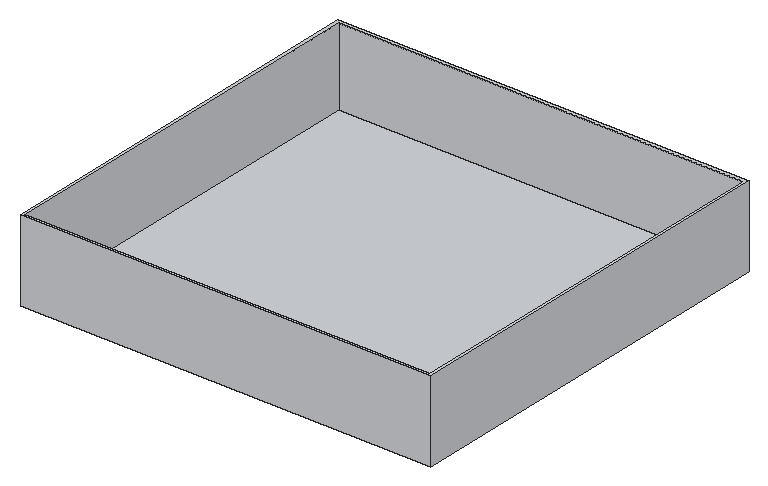
Revit family "Hager-Typ.B_TP&N_Cable_Spreader_Boxes_125A-empty-UK-en", category Electrical Equipment, host Face, Revit 2020
Family settings
  Host = Face
  Panel Configuration = Two Columns, Circuits Across
  Round Connector Dimension = Use Diameter
  Part Type = Panelboard
  Cut with Voids When Loaded = No
  Shared = No
  Room Calculation Point = No
Parameters (values of type "Surface mounted P2XC W465 H450 D91.5 0 Modular spacings - JK102LE")
  Width Control [instance] = if([HG000006 - Flush mounted], if([EF000846 - Built-in width] > min_whd, [EF000846 - Built-in width], min_whd), if([EF000008 - Width] > min_whd, ([EF000008 - Width]), min_whd))  # 465 mm
  Void Depth [instance] = if([HG000006 - Flush mounted], Depth Control, 1 mm)  # 1 mm
  Type Comments = [HG000003 - Range]  # "Type B TP&N Distribution Boards"
  System Height [instance] = Height Control - 2 * [HG000005 - Thickness]  # 444 mm
  Model = [HG000004 - Manufacturer reference]  # "JK102LE"
  HG000017 - Distance between poles = 18 mm
  HG000016 - Door 3d visibility [instance] = yes
  HG000015 - Clearance visibility [instance] = no
  HG000014 - Door on the right [instance] = yes
  HG000013 - Door on the left [instance] = not([HG000014 - Door on the right])  # no
  HG000012 - Door swing angle [instance] = 45.00°
  HG000011 - Empty rows from bottom = no
  HG000010 - Asymmetric doors = no
  HG000009 - Double swing door = no
  HG000008 - Number of empty rows = 0
  HG000007 - Number of empty columns = 0
  HG000006 - Flush mounted = no
  HG000005 - Thickness = 3 mm  # constant formula
  HG000004 - Manufacturer reference = "JK102LE"
  HG000003 - Range = "Type B TP&N Distribution Boards"
  HG000002 - With door or cover = no
  HG000001 - Number of columns = 0
  EF015941 - Signal passing door = no
  EF015777 - Neutral terminal block = yes
  EF015776 - Earthing terminal block = yes
  EF009212 - Cover model = ""
  EF006306 - With lock = no
  EF006244 - Transparent cover/door = no
  EF005474 - Degree of protection (IP) = "EV009848 - IP2XC"
  EF004462 - Type of closure = "EV000154 - Other"
  EF002950 - Width in number of modular spacings = 0
  EF001596 - Material housing = "EV000179 - Steel"
  EF001134 - DIN-rail = no
  EF001131 - Internal depth = 0 mm
  EF001088 - Extension possible = no
  EF001062 - EMC-version = no
  EF000846 - Built-in width = 0 mm
  EF000339 - Type of cover = "EV005746 - Optional"
  EF000332 - Built-in height = 0 mm
  EF000266 - Number of rows = 0
  EF000218 - Built-in depth = 0 mm
  EF000118 - With mounting plate = no
  EF000116 - RAL-number = ""
  EF000049 - Depth = 92 mm
  EF000040 - Height = 450 mm
  EF000008 - Width = 465 mm
  EF000007 - Colour = "EV000154 - Other"
  EF000003 - Mounting method = "EV000384 - Surface mounted (plaster)"
  Arrow Offset [instance] = Depth Control / 8  # 11.5 mm
  Arrow Height [instance] = Depth Control - Arrow Offset  # 80.5 mm
  Host Offset [instance] = if([HG000006 - Flush mounted], 0 mm, [EF000049 - Depth])  # 92 mm
  min_whd [instance] = (2 * [HG000005 - Thickness]) + 1 mm  # 7 mm
  Manufacturer = "Hager"  # constant formula
  Height Control [instance] = if([HG000006 - Flush mounted], if([EF000332 - Built-in height] > min_whd, [EF000332 - Built-in height], min_whd), if([EF000040 - Height] > min_whd, ([EF000040 - Height]), min_whd))  # 450 mm
  Flush Mounted - Door Frame Width [instance] = if(([EF000040 - Height] - [EF000332 - Built-in height]) > 0 mm, if([HG000006 - Flush mounted], [EF000040 - Height] - [EF000332 - Built-in height], 0 mm), 0 mm)  # 0 mm
  Depth Control [instance] = if([HG000006 - Flush mounted], if([EF000218 - Built-in depth] > 0 mm, [EF000218 - Built-in depth], 1 mm), if([EF000049 - Depth] > 0 mm, ([EF000049 - Depth]), 1 mm))  # 92 mm
  Default Elevation = 0 mm
Reference planes
  plane 1 "Center (Front/Back)": y = 0
  plane 2: z = 0
  plane 3 "Center (Left/Right)": x = 0
  plane 4: z = 92
  plane 5: y = 3
  plane 6: z = 87
  plane 7: y = 225
  plane 8: y = 0
  plane 9: y = 450
  plane 10: z = 0
  plane 11: x = -232.5
  plane 12: x = 232.5
  plane 13: x = 229.5
  plane 14: x = -229.5
  plane 15: y = 447
  plane 16: z = 3
  plane 17: z = 89
  plane 18: z = -1
  plane 19: z = 89
Forms (mm)
  Extrusion 1, solid
    sketch origin (-583.045, 0, 1219.2) x (-1, 0, 0) y (0, 0, 1)
      loop
        line (-350.545, -1127.2) -> (-815.545, -1127.2) -> (-815.545, -1219.2) -> (-350.545, -1219.2) -> (-350.545, -1127.2)
    from 0 to 450 <- "Height Control"
  Extrusion 2, void
    sketch origin (-381.607, -4572, 92) x (0, -1, 0) y (-1, 0, 0)
      loop
        line (-5019, -152.107) -> (-5019, -611.107) -> (-4575, -611.107) -> (-4575, -152.107) -> (-5019, -152.107)
    from 0 to 89
  Extrusion 3, void
    sketch origin (0, 0, 0) x (1, 0, 0) y (0, 1, 0)
      loop
        line (-232.5, 0) -> (232.5, 0) -> (232.5, 450) -> (-232.5, 450) -> (-232.5, 0)
    from -1 to 1
  Extrusion 4, solid, detail levels coarse+medium
    sketch origin (-381.607, -4572, 92) x (-1, 0, 0) y (0, -1, 0)
      loop
        line (-152.107, -5019) -> (-152.107, -4575) -> (-611.107, -4575) -> (-611.107, -5019) -> (-152.107, -5019)
    from 0 to -3
Cuts and joins
  Extrusion 2 cuts Extrusion 1
Dimensions and locks
  plane 4 to plane 6 = 5 mm
  "Host Offset": plane 4 to host face
  "Flush Mounted - Door Frame Width": plane 1 "Center (Front/Back)" to plane 8
  "HG000005 - Thickness": plane 5 to plane 8
  locked: connector elem to plane 3 "Center (Left/Right)"
  "Height Control": plane 9 to plane 8
  equal spacing: plane 9, plane 7, plane 8
  locked: connector elem to plane 7
  "Depth Control": plane 4 to plane 10
  "HG000005 - Thickness": plane 11 to plane 14
  "HG000005 - Thickness": plane 12 to plane 13
  equal spacing: plane 11, plane 3 "Center (Left/Right)", plane 12
  "Width Control": plane 11 to plane 12
  "Arrow Offset": nested 4 to plane 10
  "HG000005 - Thickness": plane 9 to plane 15
  "HG000005 - Thickness": plane 16 to plane 10
  "HG000005 - Thickness": plane 4 to plane 17
  "Void Depth": plane 2 to plane 18
  "HG000005 - Thickness": plane 4 to plane 19
  aligned and locked: plane 2 to host face
  aligned and locked: level to host face
  aligned and locked: plane 3 "Center (Left/Right)" to nested 2
  aligned and locked: plane 4 to nested 2
  aligned and locked: nested 2 to plane 8
  aligned and locked: nested 1 to plane 6
  aligned and locked: nested 1 to plane 5
  aligned and locked: nested 4 to plane 11
  aligned and locked: nested 3 to plane 4
  aligned and locked: Extrusion 1 sketch curve to plane 12
  aligned and locked: Extrusion 1 sketch curve to plane 11
  aligned and locked: nested 3 to plane 10
  aligned and locked: plane 10 to Extrusion 1 sketch curve
  aligned and locked: Extrusion 2 sketch curve to plane 5
  aligned and locked: Extrusion 2 sketch curve to plane 15
  aligned and locked: Extrusion 2 sketch curve to plane 14
  aligned and locked: Extrusion 2 sketch curve to plane 13
  aligned and locked: plane 11 to Extrusion 3 sketch curve
  aligned and locked: plane 9 to Extrusion 3 sketch curve
  aligned and locked: Extrusion 3 sketch curve to plane 8
  aligned and locked: plane 12 to Extrusion 3 sketch curve
  aligned and locked: nested 3 to plane 12
  aligned and locked: Extrusion 3 to plane 18
  aligned and locked: Extrusion 2 to plane 16
  aligned and locked: Extrusion 1 sketch curve to plane 4
  aligned and locked: Extrusion 4 to plane 17
  aligned and locked: Extrusion 4 sketch curve to plane 15
  aligned and locked: Extrusion 4 sketch curve to plane 13
  aligned and locked: Extrusion 4 sketch curve to plane 14
  aligned and locked: Extrusion 4 sketch curve to plane 5
Automatic sketch dimensions
  host sketch curve to host sketch curve = 1469.727 mm
  host sketch curve to host sketch curve = 1434.803 mm
Nested families
  nested 1: "Hager_Enclosure_System" at (0, 3, 87) x (1, 0, 0) z (0, 1, 0), Depth <- "HG000005 - Thickness", Height <- "System Height", Width <- "EF000008 - Width", Border <- "HG000005 - Thickness", Flush_Mounted <- "HG000006 - Flush mounted", Built-in_Width <- "EF000846 - Built-in width", Row_Module_Multiplicator <- "EF002950 - Width in number of modular spacings", Total_No_Empty_Rows <- "HG000008 - Number of empty rows", Total_No_Rows <- "EF000266 - Number of rows", Empty_Columns <- "HG000007 - Number of empty columns", Width_Control <- "Width Control", Empty_Rows_From_Bottom <- "HG000011 - Empty rows from bottom", Distance_Between_Poles <- "HG000017 - Distance between poles", Rows_Count <- "EF000266 - Number of rows", Columns_Count <- "HG000001 - Number of columns", type "Hager_Enclosure_System", detail levels fine
    with Width_Control 465 mm, Width 465 mm, Total_No_Rows 0, Total_No_Empty_Rows 0, Total_No_Columns 1, System_Width 459 mm, Rows_Count 0, Rows_Column 0, Row_Module_Multiplicator 0, Panel_4 no, Panel_3 no, Panel_2 no, Panel_1 no, No_Panels_Ctrl 1, Hide_Columns yes, Height 444 mm, Flush_Mounted no, Empty_Rows_From_Bottom no, Empty_Rows_Column 0, Empty_Columns 0, Distance_Between_Poles 18 mm, Depth 3 mm, Columns_Count 0, Column_Width 459 mm, Built-in_Width 0 mm, Border 3 mm
  nested 2: "Hager_Enclosure_Door" at (0, 0, 92) x (1, 0, 0) z (0, 1, 0), Border <- "HG000005 - Thickness", Door_Right <- "HG000014 - Door on the right", Flush_Mounted <- "HG000006 - Flush mounted", Depth <- "EF000049 - Depth", Width <- "EF000008 - Width", Door_Left <- "HG000013 - Door on the left", 3d_Door <- "HG000016 - Door 3d visibility", BuiltIn_Width <- "EF000846 - Built-in width", BuiltIn_Height <- "EF000332 - Built-in height", BuiltIn_Depth <- "EF000218 - Built-in depth", Angle <- "HG000012 - Door swing angle", Assymetrical <- "HG000010 - Asymmetric doors", Double <- "HG000009 - Double swing door", Clearance <- "HG000015 - Clearance visibility", Transparent <- "EF006244 - Transparent cover/door", Door <- "HG000002 - With door or cover", Height_Ctrl <- "Height Control", Width_Ctrl <- "Width Control", Height <- "EF000040 - Height", type "Hager_Enclosure_Door", detail levels medium+fine
    with min_wh 7 mm, Width_Ctrl 465 mm, Width 465 mm, Transparent_Door_No_Bottom_Border no, Transparent no, Leaf_Width 456 mm, Leaf_Tolerance 1.5 mm, Leaf_Height 441 mm, Leaf_2_Width 456 mm, Leaf_2_Offset 228 mm, Leaf_1_Width 456 mm, Leaf_1_Offset 228 mm, Height_Ctrl 450 mm, Height 450 mm, Frame_Width_Ctrl 465 mm, Frame_Width 465 mm, Frame_Internal_Offset 0 mm, Frame_Height_Ctrl 450 mm, Frame_Height 450 mm, Frame_Depth_Ctrl 1 mm, Frame_Depth 0 mm, Flush_Mounted no, Double_Clearance_Ctrl no, Double no, Door_Right_Ctrl no, Door_Right yes, Door_Left_Ctrl no, Door_Left no, Door no, Depth 92 mm, Clearance_Depth 456 mm, Clearance_Ctrl no, Clearance no, BuiltIn_Width 0 mm, BuiltIn_Height 0 mm, BuiltIn_Depth 0 mm, Border 3 mm, Assymetrical no, Angle 45.00°, 3d_Door yes
  nested 3: "Hager_Enclosure_Symbol_Triangle" at (-232.5, 0, 0) x (1, 0, 0) z (0, -1, 0), Depth <- "Depth Control", Width <- "Width Control", type "Hager_Enclosure_Symbol_Triangle"
    with Width_Ctrl 465 mm, Width 465 mm, Depth_Ctrl 92 mm, Depth 92 mm
  nested 4: "Hager_Enclosure_Symbol_Arrow" at (-232.5, 0, 11.5) x (1, 0, 0) z (0, -1, 0), Height <- "Arrow Height", type "Hager_Enclosure_Symbol_Arrow"
    with Width_Inside 6.038 mm, Width 72.45 mm, Height_Ctrl 80.5 mm, Height 80.5 mm
Connectors
  electrical at (0, 225, 0)
    settings: on plane 10, index 1, voltage 0 V, apparent load 0 VA, apparent load phase1 0 VA, apparent load phase2 0 VA, apparent load phase3 0 VA, power factor 1, load classification "Other", number of poles 1, system type 30, power factor state 1, is connector primary yes, connector utility no, sub classification motor no, connector description ""
Definition of nested family "Hager_Enclosure_Door"
  Parameters (values of type "Hager_Enclosure_Door")
    min_wh [instance] = (2 * Border) + 1 mm  # 11 mm
    Width_Ctrl [instance] = 400 mm
    Width [instance] = 500 mm
    Transparent_Door_No_Bottom_Border [instance] = no
    Transparent [instance] = yes
    Leaf_Width [instance] = if((Width_Ctrl - 2 * Border - 2 * Leaf_Tolerance) > 0 mm, (Width_Ctrl - 2 * Border - 2 * Leaf_Tolerance), min_wh)  # 387 mm
    Leaf_Tolerance [instance] = 1.5 mm  # constant formula
    Leaf_Height [instance] = if((Height_Ctrl - 2 * Border - 2 * Leaf_Tolerance) > 0 mm, (Height_Ctrl - 2 * Border - 2 * Leaf_Tolerance), min_wh)  # 387 mm
    Leaf_2_Width [instance] = if(and(and(Double, Assymetrical), Door_Left), (Leaf_Width / 3) - (Leaf_Tolerance / 2), if(and(and(Double, Assymetrical), Door_Right), (Leaf_Width / 3) * 2 - (Leaf_Tolerance / 2), if(and(Double, not(Assymetrical)), (Leaf_Width / 2) - Leaf_Tolerance, Leaf_Width)))  # 387 mm
    Leaf_2_Offset [instance] = if(and(Double, Assymetrical), Leaf_2_Width / 2, if(and(Double, not(Assymetrical)), Leaf_Width / 4, Leaf_Width / 2))  # 193.5 mm
    Leaf_1_Width [instance] = if(and(and(Double, Assymetrical), Door_Right), (Leaf_Width / 3) - (Leaf_Tolerance / 2), if(and(and(Double, Assymetrical), Door_Left), (Width / 3) * 2 - (Leaf_Tolerance / 2), if(and(Double, not(Assymetrical)), (Leaf_Width / 2) - Leaf_Tolerance, Leaf_Width)))  # 387 mm
    Leaf_1_Offset [instance] = if(and(Double, Assymetrical), Leaf_1_Width / 2, if(and(Double, not(Assymetrical)), Leaf_Width / 4, Leaf_Width / 2))  # 193.5 mm
    Height_Ctrl [instance] = 400 mm
    Height [instance] = 500 mm
    Frame_Width_Ctrl [instance] = if(Frame_Width > 0 mm, Frame_Width, 1 mm)  # 1 mm
    Frame_Width [instance] = Width - BuiltIn_Width  # 0 mm
    Frame_Internal_Offset [instance] = if(Flush_Mounted, Border, 0 mm)  # 5 mm
    Frame_Height_Ctrl [instance] = if(Frame_Height > 0 mm, Frame_Height, 1 mm)  # 1 mm
    Frame_Height [instance] = Height - BuiltIn_Height  # 0 mm
    Frame_Depth_Ctrl [instance] = if(Frame_Depth > 0 mm, Frame_Depth, 1 mm)  # 1 mm
    Frame_Depth [instance] = if(Depth - BuiltIn_Depth > 0 mm, if(Flush_Mounted, Depth - BuiltIn_Depth, 0 mm), 0 mm)  # 0 mm
    Flush_Mounted [instance] = yes
    Double_Clearance_Ctrl [instance] = and(Double, Clearance)  # no
    Double [instance] = no
    Door_Right_Ctrl [instance] = and(or(Door_Right, Double), Door)  # yes
    Door_Right [instance] = yes
    Door_Left_Ctrl [instance] = and(or(Door_Left, Double), Door)  # no
    Door_Left [instance] = no
    Door [instance] = yes
    Depth [instance] = 500 mm
    Default Elevation = 1219.2 mm
    Clearance_Material = none
    Clearance_Depth [instance] = if(Leaf_1_Width > Leaf_2_Width, Leaf_1_Width, Leaf_2_Width)  # 387 mm
    Clearance_Ctrl [instance] = and(not(Double), Clearance)  # yes
    Clearance [instance] = yes
    BuiltIn_Width [instance] = 500 mm
    BuiltIn_Height [instance] = 500 mm
    BuiltIn_Depth [instance] = 500 mm
    Border [instance] = 5 mm
    Assymetrical [instance] = yes
    Angle [instance] = 30.00°
    3d_Door [instance] = yes
  Reference planes
    plane 1 "Center (Front/Back)": y = 0
    plane 2 "Bottom": z = 0
    plane 3 "Center (Left/Right)": x = 0
    plane 4: z = 400
    plane 5: x = -200
    plane 6: x = 200
    plane 7: z = 395
    plane 8: x = -195
    plane 9: z = 5
    plane 10: x = 195
    plane 11: y = 0
    plane 12: z = 6.5
    plane 13: x = -582
    plane 14: y = -387
    plane 15: x = 582
    plane 16: x = 0
    plane 17: x = 0
    plane 18: x = -193.5
    plane 19: x = 193.5
    plane 20: z = 393.5
  Forms (mm)
    Extrusion 1, solid, visible <- "Flush_Mounted"
      sketch origin (0, 0, 0) x (1, 0, 0) y (0, 0, 1)
        loop
          line (195, 5) -> (195, 395) -> (-195, 395) -> (-195, 5) -> (195, 5)
        loop
          line (-201, 401) -> (-201, -1) -> (201, -1) -> (201, 401) -> (-201, 401)
      from 0 to 1 <- "Frame_Depth_Ctrl"
    Extrusion 2, solid, material <- "Clearance_Material", visible <- "Double_Clearance_Ctrl"
      sketch origin (1200, 0, 0) x (1, 0, 0) y (0, 0, -1)
        loop
          line (-1782, -393.5) -> (-618, -393.5) -> (-618, 0) -> (-1782, 0) -> (-1782, -393.5)
      from 0 to -387
  Dimensions and locks
    equal spacing: plane 5, plane 3 "Center (Left/Right)", plane 6
    "Width_Ctrl": plane 5 to plane 6
    "Border": plane 5 to plane 8
    "Border": plane 6 to plane 10
    "Border": plane 9 to level
    "Border": plane 4 to plane 7
    "Height_Ctrl": plane 4 to level
    "Leaf_Tolerance": plane 12 to plane 9
    "Frame_Depth": plane 11 to plane 1 "Center (Front/Back)"
    "Frame_Width_Ctrl": plane 5 to Extrusion 1 sketch curve
    "Frame_Width_Ctrl": plane 6 to Extrusion 1 sketch curve
    "Frame_Width_Ctrl": Extrusion 1 sketch curve to plane 4
    "Frame_Width_Ctrl": plane 2 "Bottom" to Extrusion 1 sketch curve
    "Leaf_1_Offset": plane 18 to plane 16
    "Leaf_2_Offset": plane 17 to plane 19
    "Leaf_1_Width": plane 13 to plane 8
    "Leaf_2_Width": plane 10 to plane 15
    "Clearance_Depth": plane 14 to plane 1 "Center (Front/Back)"
    "Leaf_Tolerance": plane 8 to plane 18
    "Leaf_Tolerance": plane 19 to plane 10
    "Leaf_Tolerance": plane 7 to plane 20
    "Frame_Internal_Offset": plane 5 to Extrusion 1 sketch curve
    "Frame_Internal_Offset": Extrusion 1 sketch curve to plane 2 "Bottom"
    "Frame_Internal_Offset": plane 6 to Extrusion 1 sketch curve
    "Frame_Internal_Offset": plane 4 to Extrusion 1 sketch curve
    aligned and locked: level to plane 2 "Bottom"
    aligned and locked: nested 1 to plane 16
    aligned and locked: nested 2 to plane 17
    aligned and locked: Extrusion 2 to plane 13
    aligned and locked: plane 15 to Extrusion 2
    aligned and locked: Extrusion 2 to plane 14
    aligned and locked: plane 12 to nested 1
    aligned and locked: nested 2 to plane 12
    aligned and locked: Extrusion 2 to plane 11
    aligned and locked: plane 20 to Extrusion 2
    aligned and locked: nested 2 to plane 11
    aligned and locked: nested 1 to plane 11
  Automatic sketch dimensions
    Extrusion 2 sketch curve to level = 0 mm
    plane 5 to Extrusion 2 sketch curve = 382 mm
    plane 6 to Extrusion 2 sketch curve = 382 mm
    Extrusion 2 sketch curve to plane 4 = 6.5 mm
  Nested families
    nested 1: "Hager_Enclosure_Door_Leaf" at (0, 0, 6.5), Width <- "Leaf_1_Width", visible <- "Door_Left_Ctrl", Leaf_Height <- "Leaf_Height", Angle <- "Angle", Depth <- "Border", 3d_Door <- "3d_Door", Transparent <- "Transparent", Clearance Material <- "Clearance_Material", Clearance <- "Clearance_Ctrl", Transparent_Door_No_Bottom_Border <- "Transparent_Door_No_Bottom_Border", type "Hager_Enclosure_Door_Leaf"
      with Width 387 mm, Transparent_Door_No_Bottom_Border no, Transparent_Door_Border_Bottom_Top 25 mm, Transparent_Door_Border 25 mm, Transparent_Ctrl yes, Transparent yes, Standard no, Leaf_Height 387 mm, Glass_Offset 1 mm, Depth 5 mm, Clearance Material none, Clearance yes, Angle_Ctrl 30.00°, Angle 30.00°, 3d_Door yes
    nested 2: "Hager_Enclosure_Door_Leaf" at (0, 0, 6.5) x (-1, 0, 0) z (0, 0, 1), Width <- "Leaf_2_Width", visible <- "Door_Right_Ctrl", Leaf_Height <- "Leaf_Height", Angle <- "Angle", Depth <- "Border", 3d_Door <- "3d_Door", Transparent <- "Transparent", Clearance Material <- "Clearance_Material", Clearance <- "Clearance_Ctrl", Transparent_Door_No_Bottom_Border <- "Transparent_Door_No_Bottom_Border", type "Hager_Enclosure_Door_Leaf"
      with Width 387 mm, Transparent_Door_No_Bottom_Border no, Transparent_Door_Border_Bottom_Top 25 mm, Transparent_Door_Border 25 mm, Transparent_Ctrl yes, Transparent yes, Standard no, Leaf_Height 387 mm, Glass_Offset 1 mm, Depth 5 mm, Clearance Material none, Clearance yes, Angle_Ctrl 30.00°, Angle 30.00°, 3d_Door yes
  Definition of nested family "Hager_Enclosure_Door_Leaf"
    Parameters (values of type "Hager_Enclosure_Door_Leaf")
      Width [instance] = 2000 mm
      Transparent_Door_No_Bottom_Border [instance] = yes
      Transparent_Door_Border_Bottom_Top [instance] = if(Transparent_Door_No_Bottom_Border, 0.1 mm, Transparent_Door_Border)  # 0.1 mm
      Transparent_Door_Border [instance] = if(Transparent_Door_No_Bottom_Border, (Width * 0.12), 25 mm)  # 240 mm
      Transparent_Ctrl [instance] = and(Transparent, [3d_Door])  # yes
      Transparent [instance] = yes
      Standard [instance] = and(not(Transparent), [3d_Door])  # no
      Leaf_Height [instance] = 2720.336 mm
      Glass_Offset [instance] = if((Depth - 10 mm) / 2 > 0 mm, (Depth - 10 mm) / 2, 1 mm)  # 15 mm
      Glass_Material = none
      Depth [instance] = 40 mm
      Default Elevation = 0 mm
      Clearance Material [instance] = none
      Clearance [instance] = yes
      Angle_Ctrl [instance] = if(Angle > 170.00°, 170.00°, Angle)  # 45.00°
      Angle [instance] = 45.00°
      3d_Door [instance] = yes
    Reference planes
      plane 1 "Center (Front/Back)": y = 0
      plane 2: z = 0
      plane 3 "Center (Left/Right)": x = 0
      plane 4: y = 2000
      plane 5: x = -1000
      plane 6: x = 1000
      plane 7: x = -3000
      plane 8: z = 2720.336
      plane 9: z = 0.1
      plane 10: z = 2720.236
      plane 11: x = 760
      plane 12: x = -760
    Forms (mm)
      Extrusion 1, solid, material <- "Clearance Material", visible <- "Clearance"
        sketch origin (0, 0, 0) x (1, 0, 0) y (0, 0, 1)
          loop
            line (-3000, 2720.336) -> (-3000, 0) -> (1000, 0) -> (1000, 2720.336) -> (-3000, 2720.336)
        from 0 to -2000
      Extrusion 2, solid, visible <- "Standard", detail levels medium+fine
        sketch origin (-1000, 0, 0) x (0.707107, 0.707107, 0) y (-0.707107, 0.707107, 0)
          loop
            line (0, -40) -> (2000, -40) -> (2000, 0) -> (0, 0) -> (0, -40)
        from 0 to 2720.336 <- "Leaf_Height"
      Extrusion 3, solid, visible <- "Transparent_Ctrl", detail levels medium+fine
        sketch origin (-1000, 0, 0) x (0.707107, 0.707107, 0) y (-0.707107, 0.707107, 0)
          loop
            line (0, -40) -> (2000, -40) -> (2000, 0) -> (0, 0) -> (0, -40)
        from 0 to 2720.336 <- "Leaf_Height"
      Extrusion 4, void, detail levels medium+fine
        sketch origin (-1000, 0, 0) x (-0.707107, 0.707107, 0) y (0.707107, 0.707107, 0)
          loop
            line (0, 240) -> (0, 1760) -> (-40, 1760) -> (-40, 240) -> (0, 240)
        from -2720.236 to -0.1
      Extrusion 5, solid, material <- "Glass_Material", visible <- "Transparent_Ctrl", detail levels medium+fine
        sketch origin (-1000, 0, 0) x (0.707107, 0.707107, 0) y (-0.707107, 0.707107, 0)
          loop
            line (240, -15) -> (240, -25) -> (1760, -25) -> (1760, -15) -> (240, -15)
        from 0.1 to 2720.236
    Cuts and joins
      Extrusion 4 cuts Extrusion 3
    Lines and regions (mm)
      symbolic lines
        curve 1: line (1000, 0, 0) -> (-3000, 0, 0)
        curve 2: arc (1000, 0, 0) -> (-1000, 2000, 0) -> (-3000, 0, 0) r 2000
        curve 4: line (-1000, 0, 0) -> (414.214, 1414.214, 0)
      reference lines
        curve 3: line (-1000, 0, 0) -> (414.214, 1414.214, 0)
      symbolic lines, detail levels medium+fine
        curve 5: line (414.214, 1414.214, 0) -> (442.498, 1385.929, 0)
        curve 6: line (442.498, 1385.929, 0) -> (-971.716, -28.284, 0)
        curve 7: line (-971.716, -28.284, 0) -> (-1000, 0, 0)
        curve 8: line (-1000, 0, 2720.336) -> (1000, 0, 2720.336)
        curve 9: line (-1000, 0, 0) -> (-1000, 0, 2720.336)
        curve 10: line (1000, 0, 0) -> (-1000, 0, 0)
        curve 11: line (1000, 0, 2720.336) -> (1000, 0, 0)
      symbolic lines, visible <- "Transparent_Ctrl", detail levels medium+fine
        curve 12: line (-760, 0, 2720.236) -> (760, 0, 2720.236)
        curve 13: line (-760, 0, 0.1) -> (-760, 0, 2720.236)
        curve 14: line (760, 0, 0.1) -> (-760, 0, 0.1)
        curve 15: line (760, 0, 2720.236) -> (760, 0, 0.1)
    Dimensions and locks
      "Width": plane 1 "Center (Front/Back)" to plane 4
      equal spacing: plane 5, plane 3 "Center (Left/Right)", plane 6
      "Width": plane 5 to plane 6
      "Width": plane 7 to plane 5
      "Leaf_Height": plane 8 to level
      "Depth": curve 6 to curve 3
      "Width": curve 5 to curve 3
      "Width": curve 3 to curve 3
      "Transparent_Door_Border": Extrusion 4 sketch curve to curve 7
      "Transparent_Door_Border": Extrusion 4 sketch curve to curve 5
      "Transparent_Door_Border_Bottom_Top": plane 8 to plane 10
      "Transparent_Door_Border_Bottom_Top": plane 9 to level
      "Glass_Offset": Extrusion 5 sketch curve to curve 4
      "Glass_Offset": Extrusion 5 sketch curve to curve 6
      "Transparent_Door_Border": Extrusion 5 sketch curve to curve 5
      "Transparent_Door_Border": Extrusion 5 sketch curve to curve 7
      "Transparent_Door_Border": plane 12 to plane 5
      "Transparent_Door_Border": plane 6 to plane 11
      "Angle_Ctrl": angle plane 1 "Center (Front/Back)" to curve 3
      aligned and locked: level to plane 2
      aligned and locked: Extrusion 1 to curve 1
      aligned and locked: plane 6 to Extrusion 1
      aligned and locked: Extrusion 1 to plane 1 "Center (Front/Back)"
      aligned and locked: plane 4 to Extrusion 1
      aligned and locked: plane 8 to Extrusion 1
      aligned and locked: curve 4 to curve 3
      aligned and locked: Extrusion 2 sketch curve to curve 7
      aligned and locked: Extrusion 2 sketch curve to curve 6
      aligned and locked: Extrusion 2 sketch curve to curve 5
      aligned and locked: Extrusion 2 sketch curve to curve 3
      aligned and locked: curve 7 to Extrusion 3 sketch curve
      aligned and locked: Extrusion 3 sketch curve to curve 4
      aligned and locked: Extrusion 3 sketch curve to curve 6
      aligned and locked: Extrusion 3 sketch curve to curve 5
      aligned and locked: curve 4 to Extrusion 4 sketch curve
      aligned and locked: curve 6 to Extrusion 4 sketch curve
      aligned and locked: Extrusion 4 to plane 9
      aligned and locked: Extrusion 4 to plane 10
      aligned and locked: Extrusion 5 to plane 9
      aligned and locked: Extrusion 5 to plane 10
      aligned and locked: curve 8 to plane 8
      aligned and locked: plane 5 to curve 9
      aligned and locked: plane 2 to curve 10
      aligned and locked: curve 11 to plane 6
      aligned and locked: plane 10 to curve 12
      aligned and locked: plane 12 to curve 13
      aligned and locked: curve 14 to plane 9
      aligned and locked: plane 11 to curve 15
    Automatic sketch dimensions
      plane 1 "Center (Front/Back)" to curve 2 = 0 mm
      curve 2 to plane 5 = 0 mm
      Extrusion 1 sketch curve to level = 0 mm
      Extrusion 1 sketch curve to plane 7 = 0 mm
      Extrusion 1 sketch curve to plane 6 = 0 mm
      Extrusion 1 sketch curve to plane 8 = 0 mm
      plane 1 "Center (Front/Back)" to curve 3 = 0 mm
      curve 3 to plane 5 = 0 mm
      curve 7 to curve 3 = 0 mm
Definition of nested family "Hager_Enclosure_Symbol_Triangle"
  Parameters (values of type "Hager_Enclosure_Symbol_Triangle")
    Width_Ctrl [instance] = if(Width > 1 mm, Width, 1 mm)  # 498 mm
    Width [instance] = 498 mm
    Depth_Ctrl [instance] = if(Depth > 1 mm, Depth, 1 mm)  # 72 mm
    Depth [instance] = 72 mm
  Reference planes
    plane 1 "Centre (avant/arrière)": y = 0
    plane 2: z = 0
    plane 3 "Centre (gauche/droite)": x = 0
  Lines and regions (mm)
    Filled region 1, type "Solid_Black", in view "Niveau de réf."
      outline origin (0, 0, 0) x (1, 0, 0) y (0, 1, 0)
        loop
          line (0, 0) -> (498, 0) -> (498, 72) -> (0, 0)
    reference lines, in view "Niveau de réf."
      curve 1: line (-206.153, 72, 0) -> (1083.258, 72, 0)
      curve 2: line (498, 405.456, 0) -> (498, -517.619, 0)
  Dimensions and locks
    "Depth_Ctrl": plane 1 "Centre (avant/arrière)" to curve 1
    "Width_Ctrl": plane 3 "Centre (gauche/droite)" to curve 2
    aligned and locked: curve 1 to Filled region 1 sketch curve
    aligned and locked: Filled region 1 sketch curve to plane 1 "Centre (avant/arrière)"
    aligned and locked: curve 2 to Filled region 1 sketch curve
    aligned and locked: plane 3 "Centre (gauche/droite)" to Filled region 1 sketch curve
    aligned and locked: plane 1 "Centre (avant/arrière)" to Filled region 1 sketch curve
  Automatic sketch dimensions
    curve 1 to plane 3 "Centre (gauche/droite)" = 206.153 mm
    curve 2 to curve 1 = 585.258 mm
    plane 1 "Centre (avant/arrière)" to curve 2 = 517.619 mm
    curve 2 to plane 1 "Centre (avant/arrière)" = 405.456 mm
Definition of nested family "Hager_Enclosure_Symbol_Arrow"
  Parameters (values of type "Hager_Enclosure_Symbol_Arrow")
    Width_Inside [instance] = if(Width / 12 > 2 mm, Width / 12, 2 mm)  # 4.987 mm
    Width [instance] = if(Height_Ctrl * 0.9 > 2 mm, Height_Ctrl * 0.9, 2 mm)  # 59.85 mm
    Height_Ctrl [instance] = if(Height > 2 mm, Height, 2 mm)  # 66.5 mm
    Height [instance] = 66.5 mm
  Reference planes
    plane 1 "Centre (avant/arrière)": y = 0
    plane 2: z = 0
    plane 3 "Centre (gauche/droite)": x = 0
    plane 4: x = 59.85
    plane 5: y = 28.263
    plane 6: y = 38.238
    plane 7: y = 66.5
    plane 8: x = 29.925
    plane 9: y = 33.25
  Lines and regions (mm)
    Filled region 1, type "Solid_Black", in view "Niveau de réf."
      outline origin (0, 0, 0) x (1, 0, 0) y (0, 1, 0)
        loop
          line (59.85, 66.5) -> (37.929, 52.827) -> (51.846, 41.935) -> (59.85, 66.5)
    detail lines, in view "Niveau de réf."
      curve 1: line (0, 0, 0) -> (29.925, 38.238, 0)
      curve 2: line (29.925, 38.238, 0) -> (29.925, 28.263, 0)
      curve 3: line (29.925, 28.263, 0) -> (59.85, 66.5, 0)
  Dimensions and locks
    "Width": plane 3 "Centre (gauche/droite)" to plane 4
    "Height_Ctrl": plane 7 to plane 1 "Centre (avant/arrière)"
    equal spacing: plane 3 "Centre (gauche/droite)", plane 8, plane 4
    equal spacing: plane 7, plane 9, plane 1 "Centre (avant/arrière)"
    equal spacing: plane 6, plane 9, plane 5
    "Width_Inside": plane 6 to plane 9
    equal spacing: curve 3, Filled region 1 sketch curve, Filled region 1 sketch curve
    angle Filled region 1 sketch curve to curve 3 = 20.00°
    angle curve 3 to Filled region 1 sketch curve = 20.00°
    locked: curve 3 to Filled region 1 sketch curve (angle 90.00°)
  Automatic sketch dimensions
    plane 1 "Centre (avant/arrière)" to curve 1 = 0 mm
    curve 1 to plane 3 "Centre (gauche/droite)" = 0 mm
    curve 2 to plane 6 = 0 mm
    curve 3 to plane 8 = 0 mm
    curve 3 to plane 4 = 0 mm
    curve 2 to plane 5 = 0 mm
    curve 3 to plane 7 = 0 mm
    Filled region 1 sketch curve to plane 4 = 0 mm
    Filled region 1 sketch curve to plane 7 = 0 mm
